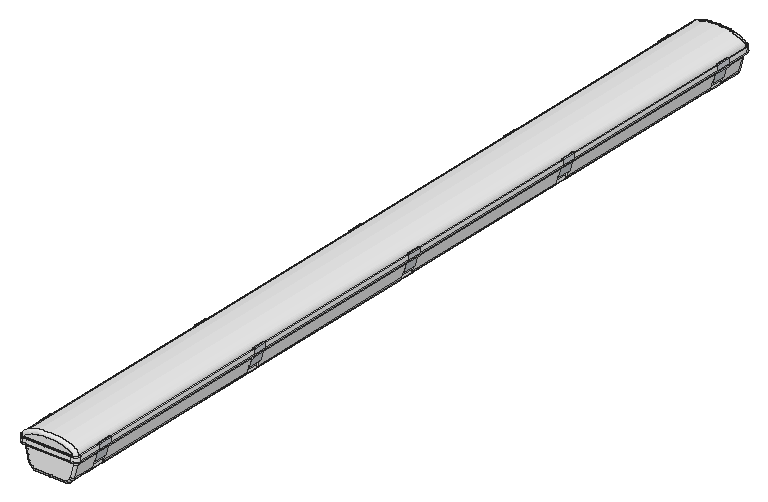
Revit family "0048755 Feilo Sylvania Lighting Fixture SYLPRF SUP LED G3 1500MM T 4K QC D MW", category Lighting Fixtures, host Face, Revit 2016
Family settings
  Host = Face
  Part Type = Normal
  Round Connector Dimension = Use Diameter
  OmniClass Number = 23.80.70.11.14
  OmniClass Title = General Luminaries, Directional
  Cut with Voids When Loaded = No
  Light Source = Yes
  Shared = No
  Room Calculation Point = No
Parameters (values of type "0048755 SYLPRF SUP LED G3 1500MM T 4K QC D MW")
  Width = 110 mm
  Weight = "2.51 kg"
  Wattage Comments = "n/a"
  Wattage = 48 W
  WarrantyStartDate [instance] = "n/a"
  WarrantyGuarantorParts = "n/a"
  WarrantyDurationUnit = "n/a"
  WarrantyDurationParts = "n/a"
  WarrantyDescription = "n/a"
  built-in parameter 1150110 = 1 (stored number, unit not read)
  Voltage = 230 V
  URL = "http://www.sylvania-lighting.com"
  TypeName = "SYLPRF SUP LED G3 1500MM T 4K QC D MW"
  Type Image = <None>
  Type Comments = "n/a"
  built-in parameter 1114217 = 1 (stored number, unit not read)
  Tilt Angle = -90.00°
  built-in parameter 1150109 = 1 (stored number, unit not read)
  built-in parameter 1150134 = 12
  built-in parameter 1150113 = 1 (stored number, unit not read)
  SerialNumber [instance] = "n/a"
  ReflectorMaterial = none
  PowerFactor = 0
  PowerConsumption = "48 W"
  Photometric Web File = "0048755.ies"
  NominalWidth = 0 mm
  NominalLength = 1578 mm
  NominalHeight = 78 mm
  Name = "SYLPRF SUP LED G3 1500MM T 4K QC D MW"
  ModelReference = "SYLPRF SUP LED G3 1500MM T 4K QC D MW"
  ModelNumber = "0048755"
  Model = "SYLPRF SUP LED G3 1500MM T 4K QC D MW"
  Material = "polycarbonate housing, polycarbonate diffuser"
  ManufacturerName = "Feilo Sylvania"
  Manufacturer = "Feilo Sylvania"
  LuminousEfficacy = "140 lm/W"
  built-in parameter 1150105 = 534.76 (stored number, unit not read)
  Lumens = 6720 lm
  LuminaireType = ""
  built-in parameter 1150115 = 1 (stored number, unit not read)
  LightOutputRatio = "n/a"
  built-in parameter 1150137 = (empty or 0)
  built-in parameter 1150139 = (empty or 0)
  Length = 1572 mm
  LampsType = Lamp  # "LED"
  LampNominalLuminous = "6750 lm"
  LampMacAdamStep = "3"
  LampColourTemperature = "4000 K"
  LampColourRenderingIndex = "80"
  built-in parameter 1150112 = 1 (stored number, unit not read)
  built-in parameter 1150114 = 1 (stored number, unit not read)
  Lamp = "LED"
  Keynote = "16500"
  InstallationDate [instance] = "n/a"
  InputVoltage = "220-240V~"
  InputNominalFrequency = "DC/50/60 Hz"
  built-in parameter 1150132 = (empty or 0)
  built-in parameter 1150102 = (empty or 0)
  built-in parameter 1150107 = 4000 (stored number, unit not read)
  built-in parameter 1150138 = (empty or 0)
  IngressProtection = "IP65"
  ImpactProtectionIndex = "IK08"
  built-in parameter 1150106 = 5.3476 (stored number, unit not read)
  IfcExportType = "IfcLightFixtureType"
  IfcExportAs = "IfcLightFixtureType"
  ExpectedLife = 50000
  Emit from Rectangle Width = Width - 20 mm  # 90 mm
  Emit from Rectangle Length = Length - 20 mm  # 1552 mm
  Emit Shape Visible in Rendering = no
  ElectricShockClassification = "Class I"
  built-in parameter 1150104 = 13.006 (stored number, unit not read)
  DurationUnit = "hours"
  DocumentationLiterature = "http://www.sylvania-lighting.com/product/en-int/products/0048755"
  DimmingControlOptions = "Dimmable"
  Dimming Lamp Color Temperature Shift = <None>
  DiffuserMaterial = Diffuser-Sylvania-Transparent
  Description = "Sylproof Superia, integrated LED weatherproof luminaire with quick connector, with UV stabilized flat diffuser and linear prisms designed to achieve uniform lit appearance, optimise light output and to reduce glare, stainless steel diffuser clips and fixing brackets for surface and wall mounting. L 1578 mm x W 110 mm x H 78 mm size, Polycarbonate housing, Polycarbonate diffuser, DALI dimmable, with MW sensor, 4000K, CRI80,  6750 lm, 48 W, 140 lm/W, nominal average life (h):50000, energy class: A++ A+ A Class I,IK08, IP65."
  Default Elevation = 1219.2 mm
  CreatedOn = "3/27/2018"
  CreatedBy = "aron.fodor@feilosylvania.com"
  Cost = 0
  Color Filter = 16777215
  built-in parameter 1114216 [instance] = (empty or 0)
  ClassificationValue = "EF_70_80"
  ClassificationName = "Uniclass2015"
  BodyMaterial = Body-Sylvania-Gray
  BarCode [instance] = "n/a"
  built-in parameter 1114218 = 1 (stored number, unit not read)
  built-in parameter 1150133 = 10 (stored number, unit not read)
  AssetType = "Fixed"
  AssetIdentifier [instance] = "n/a"
  Assembly Code = "D5020200"
  Apparent Load = 48 VA
  AccessoryMaterial = Diffuser-Sylvania-Glow
Reference planes
  plane 1 "Center (Front/Back)": y = 0
  plane 2: z = 0
  plane 3 "Center (Left/Right)": x = 0
  plane 4: z = 54
  plane 5: x = -27.7
  plane 6: x = -34.8
  plane 7: x = -39.6
  plane 8: x = -42.2
  plane 9: z = 3
  plane 10: z = 7.8
  plane 11: z = 12.3
  plane 12: z = 36.6
  plane 13: z = 42.8
  plane 14: x = -51.1
  plane 15: z = 46.2
  plane 16: x = -55
  plane 17: y = 786
  plane 18: y = -786
  plane 19: x = 27.7
  plane 20: x = 34.8
  plane 21: x = 39.6
  plane 22: x = 42.2
  plane 23: x = 51.1
  plane 24: x = 55
  plane 25: y = 778.4
  plane 26: y = -778.4
  plane 27: y = -774.7
  plane 28: y = 774.7
  plane 29: z = 74
  plane 30: x = -51.5
  plane 31: x = 51.5
  plane 32: z = 55.2
  plane 33: y = -782.5
  plane 34: y = 782.5
  plane 35: x = -37.5
  plane 36: x = 37.5
  plane 37: x = -48.7
  plane 38: x = 48.7
  plane 39: x = 18
  plane 40: x = -18
  plane 41: z = 50.2
  plane 42: z = 24.6
  plane 43: y = 720
  plane 44: y = 706
  plane 45: y = 734
  plane 46: y = -720
  plane 47: y = 720
  plane 48: y = 706
  plane 49: y = 734
  plane 50: y = -720
  plane 51: y = -734
  plane 52: y = -706
  plane 53: y = 360
  plane 54: y = 346
  plane 55: y = 374
  plane 56: y = 0
  plane 57: y = -14
  plane 58: y = 14
  plane 59: y = -360
  plane 60: y = -374
  plane 61: y = -346
Forms (mm)
  Sweep 1, solid, material "Body-Sylvania-Gray" <- "BodyMaterial", detail levels medium+fine
    path origin (1223.4, -4572, 54) x (0, -1, 0) y (1, 0, 0)
      loop
        arc (-3796, -1278.4) -> (-3788.929, -1275.471) -> (-3786, -1268.4) r 10
        line (-3786, -1268.4) -> (-3786, -1178.4)
        arc (-3786, -1178.4) -> (-3788.929, -1171.329) -> (-3796, -1168.4) r 10
        line (-3796, -1168.4) -> (-5348, -1168.4)
        arc (-5348, -1168.4) -> (-5355.071, -1171.329) -> (-5358, -1178.4) r 10
        line (-5358, -1178.4) -> (-5358, -1268.4)
        arc (-5358, -1268.4) -> (-5355.071, -1275.471) -> (-5348, -1278.4) r 10
        line (-5348, -1278.4) -> (-3796, -1278.4)
    profile origin (-55, 0, 54) x (-1, 0, 0) y (0, 0, 1)
      loop
        line (0, 0) -> (-1, 0) -> (-1, -7.726)
        arc (-1, -7.726) -> (-1.994, -9.498) -> (-3.9, -10.2) r 2.937
        line (-3.9, -10.2) -> (-8.571, -10.2) -> (-8.571, -11.2) -> (-3.9, -11.2)
        arc (-3.9, -11.2) -> (-1.313, -10.231) -> (0, -7.8) r 3.937
        line (0, -7.8) -> (0, 0)
  Sweep 2, solid, material "Body-Sylvania-Gray" <- "BodyMaterial", detail levels medium+fine
    path origin (0, 0, 0) x (1, 0, 0) y (0, 0, 1)
      loop
        line (48.7, 42.8) -> (48.7, 36.6) -> (42.203, 12.31)
        arc (42.203, 12.31) -> (41.199, 9.884) -> (39.6, 7.8) r 10.052
        line (39.6, 7.8) -> (34.8, 3)
        arc (34.8, 3) -> (31.554, 0.781) -> (27.7, 0) r 9.902
        line (27.7, 0) -> (0, 0) -> (-27.7, 0)
        arc (-27.7, 0) -> (-31.554, 0.781) -> (-34.8, 3) r 9.902
        line (-34.8, 3) -> (-39.6, 7.8)
        arc (-39.6, 7.8) -> (-41.199, 9.884) -> (-42.203, 12.31) r 10.052
        line (-42.203, 12.31) -> (-48.7, 36.6) -> (-48.7, 42.8)
    profile origin (0, 0, 0) x (0, 0, -1) y (0, -1, 0)
      loop
        arc (0, 773.4) -> (-1.464, 776.936) -> (-5, 778.4) r 5
        line (-5, 778.4) -> (-7.8, 778.4) -> (-7.8, -778.4) -> (-5, -778.4)
        arc (-5, -778.4) -> (-1.464, -776.936) -> (0, -773.4) r 5
        line (0, -773.4) -> (0, 773.4)
  Extrusion 3, solid, material "Body-Sylvania-Gray" <- "BodyMaterial", detail levels medium+fine
    sketch origin (1524, 778.4, 1219.2) x (1, 0, 0) y (0, 0, 1)
      loop
        arc (-1558.668, -1204.874) -> (-1558.443, -1205.418) -> (-1558.085, -1205.885) r 2.252
        line (-1558.085, -1205.885) -> (-1553.231, -1210.738)
        arc (-1553.231, -1210.738) -> (-1552.534, -1211.227) -> (-1551.7, -1211.4) r 2.102
        line (-1551.7, -1211.4) -> (-1496.3, -1211.4)
        arc (-1496.3, -1211.4) -> (-1495.466, -1211.227) -> (-1494.769, -1210.738) r 2.102
        line (-1494.769, -1210.738) -> (-1489.915, -1205.885)
        arc (-1489.915, -1205.885) -> (-1489.557, -1205.418) -> (-1489.332, -1204.874) r 2.252
        line (-1489.332, -1204.874) -> (-1483.1, -1181.575) -> (-1483.1, -1176.4) -> (-1564.9, -1176.4) -> (-1564.9, -1181.575) -> (-1558.668, -1204.874)
    from 0 to 1556.8
  Sweep 4, solid, material "Diffuser-Sylvania-Transparent" <- "DiffuserMaterial", detail levels medium+fine
    path origin (0, 0, 0) x (1, 0, 0) y (0, 0, 1)
      loop
        spline (-51.5, 55.2) -> (-49.745, 60.066) -> (-44.6, 64.6) -> (-36.416, 68.494) -> (-25.75, 71.481) -> (-13.329, 73.359) -> (0, 74) -> (13.329, 73.359) -> (25.75, 71.481) -> (36.416, 68.494) -> (44.6, 64.6) -> (49.745, 60.066) -> (51.5, 55.2)
    profile origin (51.5, 0, 55.2) x (0, -1, 0) y (1, 0, 0)
      loop
        arc (782.5, -5.5) -> (780.889, -1.611) -> (777, 0) r 5.5
        line (777, 0) -> (-777, 0)
        arc (-777, 0) -> (-780.889, -1.611) -> (-782.5, -5.5) r 5.5
        line (-782.5, -5.5) -> (-782.5, -6.3) -> (-781.5, -6.3) -> (-781.5, -5.5)
        arc (-781.5, -5.5) -> (-780.182, -2.318) -> (-777, -1) r 4.5
        line (-777, -1) -> (777, -1)
        arc (777, -1) -> (780.182, -2.318) -> (781.5, -5.5) r 4.5
        line (781.5, -5.5) -> (781.5, -6.347) -> (782.5, -6.347) -> (782.5, -5.5)
  Extrusion 5, solid, material "Diffuser-Sylvania-Transparent" <- "DiffuserMaterial", detail levels medium+fine
    sketch origin (1524, -782.5, 1219.2) x (1, 0, 0) y (0, 0, 1)
      loop
        line (-1569.653, -1164) -> (-1478.347, -1164)
        spline (-1478.347, -1164) -> (-1478.969, -1162.594) -> (-1482.527, -1159.545) -> (-1489.588, -1156.201) -> (-1499.458, -1153.445) -> (-1511.242, -1151.663) -> (-1524, -1151.049) -> (-1536.758, -1151.663) -> (-1548.542, -1153.445) -> (-1558.412, -1156.201) -> (-1565.473, -1159.545) -> (-1569.031, -1162.594) -> (-1569.653, -1164)
    from 0 to -1
  Extrusion 6, solid, material "Diffuser-Sylvania-Transparent" <- "DiffuserMaterial", detail levels medium+fine
    sketch origin (1524, 782.5, 1219.2) x (1, 0, 0) y (0, 0, 1)
      loop
        spline (-1478.3, -1164) -> (-1478.931, -1162.565) -> (-1482.502, -1159.505) -> (-1489.572, -1156.155) -> (-1499.446, -1153.394) -> (-1511.236, -1151.614) -> (-1524, -1151.007) -> (-1536.764, -1151.614) -> (-1548.554, -1153.394) -> (-1558.428, -1156.155) -> (-1565.498, -1159.505) -> (-1569.069, -1162.565) -> (-1569.7, -1164)
        line (-1569.7, -1164) -> (-1478.3, -1164)
    from 0 to 1
  Extrusion 7, solid, material "Diffuser-Sylvania-Transparent" <- "DiffuserMaterial", detail levels medium+fine
    sketch origin (1223.4, -4572, 55.2) x (0, -1, 0) y (-1, 0, 0)
      loop
        arc (-5353.5, 1177.4) -> (-5352.182, 1174.218) -> (-5349, 1172.9) r 4.5
        line (-5349, 1172.9) -> (-3795, 1172.9)
        arc (-3795, 1172.9) -> (-3791.818, 1174.218) -> (-3790.5, 1177.4) r 4.5
        line (-3790.5, 1177.4) -> (-3790.5, 1269.4)
        arc (-3790.5, 1269.4) -> (-3791.818, 1272.582) -> (-3795, 1273.9) r 4.5
        line (-3795, 1273.9) -> (-5349, 1273.9)
        arc (-5349, 1273.9) -> (-5352.182, 1272.582) -> (-5353.5, 1269.4) r 4.5
        line (-5353.5, 1269.4) -> (-5353.5, 1177.4)
      loop
        line (-5358, 1268.4) -> (-5358, 1178.4)
        arc (-5358, 1178.4) -> (-5355.071, 1171.329) -> (-5348, 1168.4) r 10
        line (-5348, 1168.4) -> (-3796, 1168.4)
        arc (-3796, 1168.4) -> (-3788.929, 1171.329) -> (-3786, 1178.4) r 10
        line (-3786, 1178.4) -> (-3786, 1268.4)
        arc (-3786, 1268.4) -> (-3788.929, 1275.471) -> (-3796, 1278.4) r 10
        line (-3796, 1278.4) -> (-5348, 1278.4)
        arc (-5348, 1278.4) -> (-5355.071, 1275.471) -> (-5358, 1268.4) r 10
    from 0 to 1.2
  Extrusion 8, solid, material "Diffuser-Sylvania-Glow" <- "AccessoryMaterial", detail levels fine
    sketch origin (0, 0, 0) x (1, 0, 0) y (0, 0, 1)
      loop
        circle (-18, 50.2) r 8
      loop
        circle (18, 50.2) r 8
    from -774.7 to 774.7
  Extrusion 9, void
    sketch origin (0, 720, 2343.807) x (0, 0, -1) y (-1, 0, 0)
      loop
        line (2340.807, -37.5) -> (2331.507, -37.5) -> (2319.207, -42.2) -> (2319.207, -48.7) -> (2340.807, -48.7) -> (2340.807, -37.5)
      loop
        line (2340.807, 37.5) -> (2340.807, 48.7) -> (2319.207, 48.7) -> (2319.207, 42.2) -> (2331.507, 37.5) -> (2340.807, 37.5)
    from -14 to 14
  Extrusion 10, solid, material "Body-Sylvania-Gray" <- "BodyMaterial", detail levels coarse
    sketch origin (0, 0, 0) x (1, 0, 0) y (0, 0, 1)
      loop
        line (55, 42.8) -> (55, 55.2) -> (-55, 55.2) -> (-55, 42.791) -> (-42.2, 0) -> (42.2, 0) -> (55, 42.8)
    from -786 to 786
  Extrusion 11, solid, material "Diffuser-Sylvania-Transparent" <- "DiffuserMaterial", detail levels coarse
    sketch origin (0, 0, 0) x (1, 0, 0) y (0, 0, 1)
      loop
        arc (51.5, 55.2) -> (0, 74) -> (-51.5, 55.2) r 79.939
        line (-51.5, 55.2) -> (51.5, 55.2)
    from 778.4 to -778.4
  Extrusion 12, void, not visible
    sketch origin (0, 720, 2343.807) x (0, 0, -1) y (-1, 0, 0)
      loop
        line (2340.807, -37.5) -> (2331.507, -37.5) -> (2319.207, -42.2) -> (2319.207, -48.7) -> (2340.807, -48.7) -> (2340.807, -37.5)
      loop
        line (2340.807, 37.5) -> (2340.807, 48.7) -> (2319.207, 48.7) -> (2319.207, 42.2) -> (2331.507, 37.5) -> (2340.807, 37.5)
    from -14 to 14
  Extrusion 13, void
    sketch origin (0, -720, 2343.807) x (0, 0, -1) y (-1, 0, 0)
      loop
        line (2340.807, -37.5) -> (2331.507, -37.5) -> (2319.207, -42.2) -> (2319.207, -48.7) -> (2340.807, -48.7) -> (2340.807, -37.5)
      loop
        line (2340.807, 37.5) -> (2340.807, 48.7) -> (2319.207, 48.7) -> (2319.207, 42.2) -> (2331.507, 37.5) -> (2340.807, 37.5)
    from -14 to 14
  Extrusion 14, void
    sketch origin (0, 360, 2343.807) x (0, 0, -1) y (-1, 0, 0)
      loop
        line (2340.807, -37.5) -> (2331.507, -37.5) -> (2319.207, -42.2) -> (2319.207, -48.7) -> (2340.807, -48.7) -> (2340.807, -37.5)
      loop
        line (2340.807, 37.5) -> (2340.807, 48.7) -> (2319.207, 48.7) -> (2319.207, 42.2) -> (2331.507, 37.5) -> (2340.807, 37.5)
    from -14 to 14
  Extrusion 15, void
    sketch origin (0, 0, 2343.807) x (0, 0, -1) y (-1, 0, 0)
      loop
        line (2340.807, -37.5) -> (2331.507, -37.5) -> (2319.207, -42.2) -> (2319.207, -48.7) -> (2340.807, -48.7) -> (2340.807, -37.5)
      loop
        line (2340.807, 37.5) -> (2340.807, 48.7) -> (2319.207, 48.7) -> (2319.207, 42.2) -> (2331.507, 37.5) -> (2340.807, 37.5)
    from -14 to 14
  Extrusion 16, void
    sketch origin (0, -360, 2343.807) x (0, 0, -1) y (-1, 0, 0)
      loop
        line (2340.807, -37.5) -> (2331.507, -37.5) -> (2319.207, -42.2) -> (2319.207, -48.7) -> (2340.807, -48.7) -> (2340.807, -37.5)
      loop
        line (2340.807, 37.5) -> (2340.807, 48.7) -> (2319.207, 48.7) -> (2319.207, 42.2) -> (2331.507, 37.5) -> (2340.807, 37.5)
    from -14 to 14
Cuts and joins
  Extrusion 9, Extrusion 13, Extrusion 14, Extrusion 15, Extrusion 16 cuts Sweep 2
  Extrusion 13, Extrusion 14, Extrusion 15, Extrusion 16 cuts Extrusion 3
  joined: Sweep 2, Extrusion 3
  joined: Sweep 4, Extrusion 5, Extrusion 6
Dimensions and locks
  locked: plane 4 to plane 2 at 54
  plane 5 to plane 6 to plane 7 to plane 8 to plane 14 to plane 16 = 7.1 mm locked, 4.8 mm locked, 2.6 mm locked, 8.9 mm, 3.9 mm
  plane 4 to plane 15 to plane 13 to plane 12 to plane 11 to plane 10 to plane 9 = 7.8 mm locked, 3.4 mm, 6.2 mm locked, 24.3 mm locked, 4.5 mm locked, 4.8 mm locked
  equal spacing: plane 18, plane 1 "Center (Front/Back)", plane 17
  "Length": plane 18 to plane 17
  plane 19 to plane 20 to plane 21 to plane 22 to plane 23 to plane 24 = 7.1 mm locked, 4.8 mm locked, 2.6 mm locked, 8.9 mm, 3.9 mm
  equal spacing: plane 24, plane 3 "Center (Left/Right)", plane 16
  "Width": plane 24 to plane 16
  equal spacing: plane 27, plane 1 "Center (Front/Back)", plane 28
  locked: plane 26 to plane 27 at 3.7
  locked: Sweep 1 sketch curve to profile plane at 1
  locked: Sweep 1 sketch curve to plane 13 at 1
  locked: Sweep 1 sketch curve to plane 13 at 3.937  (x2)
  locked: Sweep 1 sketch curve to profile plane at 3.9  (x2)
  locked: plane 29 to plane 4 at 20
  equal spacing: plane 31, plane 3 "Center (Left/Right)", plane 30
  locked: plane 30 to plane 16 at 3.5
  locked: plane 32 to plane 4 at 1.2
  equal spacing: plane 33, plane 1 "Center (Front/Back)", plane 34
  equal spacing: plane 36, plane 3 "Center (Left/Right)", plane 35
  locked: plane 3 "Center (Left/Right)" to plane 35 at 37.5
  locked: plane 34 to plane 17 at 3.5
  equal spacing: plane 38, plane 3 "Center (Left/Right)", plane 37
  locked: plane 37 to plane 16 at 6.3
  equal spacing: plane 25, plane 1 "Center (Front/Back)", plane 26
  locked: plane 17 to plane 25 at 7.6
  locked: Sweep 2 sketch curve to plane 2 at 5  (x2)
  locked: Sweep 2 sketch curve to plane 26 at 5
  locked: plane 25 to Sweep 2 sketch curve at 5
  locked: Sweep 4 sketch curve to plane 31 at 5.5  (x2)
  locked: Sweep 4 sketch curve to plane 34 at 5.5
  plane 33 to Sweep 4 sketch curve = 5.5 mm
  locked: plane 34 to Sweep 4 sketch curve at 1
  locked: Sweep 4 sketch curve to plane 31 at 1
  locked: Sweep 4 sketch curve to Sweep 4 sketch curve at 1
  locked: Sweep 4 sketch curve to plane 31 at 6.347
  locked: Sweep 4 sketch curve to plane 31 at 6.3
  equal spacing: plane 39, plane 3 "Center (Left/Right)", plane 40
  locked: plane 3 "Center (Left/Right)" to plane 40 at 18
  locked: plane 42 to plane 2 at 24.6
  plane 45 to plane 43 to plane 44 = 14 mm locked, 14 mm locked
  locked: plane 17 to plane 43 at 66
  equal spacing: plane 43, plane 1 "Center (Front/Back)", plane 46
  plane 49 to plane 47 to plane 48 = 14 mm locked, 14 mm locked
  plane 52 to plane 50 to plane 51 = 14 mm locked, 14 mm locked  (x2)
  equal spacing: group 1, group 6, group 7, group 8, group 5  (x2)
  equal spacing: group 5, group 8, group 7, group 6, group 1
  plane 55 to plane 53 to plane 54 = 14 mm locked, 14 mm locked  (x2)
  plane 58 to plane 56 to plane 57 = 14 mm locked, 14 mm locked  (x2)
  plane 61 to plane 59 to plane 60 = 14 mm locked, 14 mm locked  (x2)
  plane 43 to plane 53 to plane 1 "Center (Front/Back)" to plane 59 to plane 50 = 360 mm locked, 360 mm locked, 360 mm locked, 360 mm locked
  aligned and locked: plane 2 to host face
  aligned and locked: level to host face
  aligned and locked: plane 16 to Sweep 1 sketch curve
  aligned and locked: Sweep 1 sketch curve to plane 24
  aligned and locked: plane 18 to Sweep 1 sketch curve
  aligned and locked: Sweep 1 sketch curve to plane 13
  aligned and locked: profile plane to Sweep 1 sketch curve
  aligned and locked: plane 3 "Center (Left/Right)" to Sweep 2 sketch curve
  aligned and locked: plane 9 to Sweep 2 sketch curve
  aligned and locked: plane 10 to Sweep 2 sketch curve
  aligned and locked: plane 37 to Sweep 2 sketch curve
  aligned and locked: plane 12 to Sweep 2 sketch curve
  aligned and locked: Sweep 2 sketch curve to level
  aligned and locked: plane 21 to Sweep 2 sketch curve
  aligned and locked: plane 38 to Sweep 2 sketch curve
  aligned and locked: profile plane to Sweep 2 sketch curve
  aligned and locked: plane 25 to Sweep 2 sketch curve
  aligned and locked: Sweep 2 sketch curve to plane 10
  aligned and locked: Extrusion 3 sketch curve to Sweep 2  (x7)
  aligned and locked: Sweep 2 to Extrusion 3 sketch curve
  aligned and locked: Extrusion 3 to plane 25
  aligned and locked: plane 26 to Extrusion 3
  aligned and locked: plane 32 to Sweep 4 sketch curve
  aligned and locked: plane 33 to Sweep 4 sketch curve
  aligned and locked: Sweep 4 to Extrusion 5
  aligned and locked: plane 33 to Extrusion 5
  aligned and locked: Extrusion 5 sketch curve to Sweep 4
  aligned and locked: cut or joined group of Sweep 4, Extrusion 5, Extrusion 6 to Extrusion 6 sketch curve
  aligned and locked: Extrusion 7 sketch curve to cut or joined group of Sweep 4, Extrusion 5, Extrusion 6  (x2)
  aligned and locked: cut or joined group of Sweep 4, Extrusion 5, Extrusion 6 to Extrusion 7 sketch curve  (x2)
  aligned and locked: plane 41 to Extrusion 8 sketch curve  (x2)
  aligned and locked: plane 39 to Extrusion 8 sketch curve
  aligned and locked: plane 27 to Extrusion 8
  aligned and locked: Extrusion 8 to plane 28
  aligned and locked: Extrusion 9 to plane 42
  aligned and locked: plane 9 to Extrusion 9
  aligned and locked: plane 44 to Extrusion 9
  aligned and locked: Extrusion 9 to plane 45
  aligned and locked: Extrusion 7 sketch curve to Sweep 1  (x4)
  aligned and locked: plane 4 to Extrusion 7
  aligned and locked: Extrusion 7 to plane 32
  aligned and locked: nested 2 to plane 43
  aligned and locked: plane 43 to nested 1
  aligned and locked: Extrusion 10 sketch curve to plane 24
  aligned and locked: Extrusion 10 sketch curve to Extrusion 7
  aligned and locked: plane 8 to Extrusion 10 sketch curve
  aligned and locked: plane 22 to Extrusion 10 sketch curve
  aligned and locked: level to Extrusion 10 sketch curve
  aligned and locked: Extrusion 10 to plane 17
  aligned and locked: plane 18 to Extrusion 10
  aligned and locked: cut or joined group of Sweep 4, Extrusion 5, Extrusion 6 to Extrusion 11 sketch curve
  aligned and locked: Extrusion 11 sketch curve to cut or joined group of Sweep 4, Extrusion 5, Extrusion 6  (x2)
  aligned and locked: plane 31 to Extrusion 11 sketch curve
  aligned and locked: plane 30 to Extrusion 11 sketch curve
  aligned and locked: plane 26 to Extrusion 11
  aligned and locked: Extrusion 11 to plane 25
  aligned and locked: imposter light to plane 29
  aligned and locked: plane 3 "Center (Left/Right)" to imposter light
  aligned and locked: plane 1 "Center (Front/Back)" to imposter light
  aligned and locked: plane 51 to Extrusion 13
  aligned and locked: Extrusion 13 to plane 52
  aligned and locked: plane 54 to Extrusion 14
  aligned and locked: Extrusion 14 to plane 55
  aligned and locked: plane 57 to Extrusion 15
  aligned and locked: Extrusion 15 to plane 58
  aligned and locked: plane 60 to Extrusion 16
  aligned and locked: Extrusion 16 to plane 61
  aligned and locked: nested 3 to plane 53
  aligned and locked: plane 53 to nested 10
  aligned and locked: nested 4 to plane 56
  aligned and locked: plane 56 to nested 9
  aligned and locked: nested 5 to plane 59
  aligned and locked: plane 59 to nested 8
  aligned and locked: nested 6 to plane 50
  aligned and locked: plane 50 to nested 7
Automatic sketch dimensions
  host sketch curve to host sketch curve = 2438.4 mm  (x2)
  plane 17 to Sweep 1 sketch curve = 0 mm
  Sweep 1 sketch curve to plane 28 = 1.3 mm
  Sweep 1 sketch curve to plane 7 = 5.4 mm
  plane 27 to Sweep 1 sketch curve = 1.3 mm  (x2)
  Sweep 1 sketch curve to Sweep 1 sketch curve = 4.671 mm
  Sweep 1 sketch curve to plane 4 = 0 mm
  Sweep 2 sketch curve to plane 7 = 0 mm
  Sweep 2 sketch curve to plane 6 = 0 mm
  Sweep 2 sketch curve to plane 5 = 0 mm
  plane 19 to Sweep 2 sketch curve = 0 mm
  Sweep 2 sketch curve to plane 9 = 0 mm
  plane 20 to Sweep 2 sketch curve = 0 mm
  Sweep 2 sketch curve to plane 12 = 0 mm
  Sweep 2 sketch curve to plane 10 = 0 mm
  Sweep 2 sketch curve to plane 13 = 0 mm  (x2)
  Sweep 2 sketch curve to plane 8 = 0.003 mm
  plane 6 to Sweep 2 sketch curve = 2.308 mm
  plane 20 to Sweep 2 sketch curve = 2.308 mm
  Sweep 2 sketch curve to plane 22 = 0.003 mm
  Sweep 2 sketch curve to plane 11 = 0.01 mm  (x2)
  Extrusion 3 sketch curve to plane 5 = 0 mm
  plane 19 to Extrusion 3 sketch curve = 0 mm
  plane 6 to Extrusion 3 sketch curve = 0.132 mm
  plane 6 to Extrusion 3 sketch curve = 0.715 mm
  Extrusion 3 sketch curve to Extrusion 3 sketch curve = 1.592 mm
  Extrusion 3 sketch curve to plane 10 = 0.662 mm  (x2)
  plane 20 to Extrusion 3 sketch curve = 2.308 mm
  plane 20 to Extrusion 3 sketch curve = 0.715 mm
  plane 20 to Extrusion 3 sketch curve = 0.132 mm
  Sweep 4 sketch curve to plane 30 = 0 mm
  Sweep 4 sketch curve to plane 3 "Center (Left/Right)" = 0 mm
  Sweep 4 sketch curve to Sweep 4 sketch curve = 0 mm  (x2)
  plane 37 to Extrusion 5 sketch curve = 3.047 mm
  Extrusion 5 sketch curve to plane 38 = 3.047 mm
  plane 37 to Extrusion 6 sketch curve = 3 mm
  Extrusion 6 sketch curve to plane 38 = 3 mm
  plane 25 to Extrusion 7 sketch curve = 1.4 mm  (x2)
  Extrusion 7 sketch curve to plane 26 = 1.4 mm  (x2)
  Extrusion 8 sketch curve to plane 40 = 0 mm
  Extrusion 9 sketch curve to Extrusion 9 sketch curve = 0 mm
  Extrusion 9 sketch curve to Extrusion 9 sketch curve = 12.3 mm  (x2)
  Extrusion 9 sketch curve to Extrusion 9 sketch curve = 9.3 mm  (x2)
  Extrusion 9 sketch curve to Extrusion 9 sketch curve = 6.5 mm
  Extrusion 9 sketch curve to Extrusion 9 sketch curve = 4.7 mm  (x2)
  Extrusion 9 sketch curve to Extrusion 9 sketch curve = 75 mm
  Extrusion 9 sketch curve to Extrusion 9 sketch curve = 11.2 mm
  Extrusion 10 sketch curve to plane 13 = 0 mm
  plane 13 to Extrusion 10 sketch curve = 0.009 mm
  Extrusion 11 sketch curve to level = 5.939 mm
  Extrusion 10 sketch curve to plane 16 = 0 mm
  Extrusion 12 sketch curve to Extrusion 12 sketch curve = 0 mm
  Extrusion 12 sketch curve to Extrusion 12 sketch curve = 12.3 mm  (x2)
  Extrusion 12 sketch curve to Extrusion 12 sketch curve = 9.3 mm  (x2)
  Extrusion 12 sketch curve to Extrusion 12 sketch curve = 6.5 mm
  Extrusion 12 sketch curve to Extrusion 12 sketch curve = 4.7 mm  (x2)
  Extrusion 12 sketch curve to Extrusion 12 sketch curve = 75 mm
  Extrusion 12 sketch curve to Extrusion 12 sketch curve = 11.2 mm
  Extrusion 13 sketch curve to Extrusion 13 sketch curve = 0 mm
  Extrusion 13 sketch curve to Extrusion 13 sketch curve = 12.3 mm  (x2)
  Extrusion 13 sketch curve to Extrusion 13 sketch curve = 9.3 mm  (x2)
  Extrusion 13 sketch curve to Extrusion 13 sketch curve = 6.5 mm
  Extrusion 13 sketch curve to Extrusion 13 sketch curve = 4.7 mm  (x2)
  Extrusion 13 sketch curve to Extrusion 13 sketch curve = 75 mm
  Extrusion 13 sketch curve to Extrusion 13 sketch curve = 11.2 mm
  Extrusion 14 sketch curve to Extrusion 14 sketch curve = 0 mm
  Extrusion 14 sketch curve to Extrusion 14 sketch curve = 12.3 mm  (x2)
  Extrusion 14 sketch curve to Extrusion 14 sketch curve = 9.3 mm  (x2)
  Extrusion 14 sketch curve to Extrusion 14 sketch curve = 6.5 mm
  Extrusion 14 sketch curve to Extrusion 14 sketch curve = 4.7 mm  (x2)
  Extrusion 14 sketch curve to Extrusion 14 sketch curve = 75 mm
  Extrusion 14 sketch curve to Extrusion 14 sketch curve = 11.2 mm
  Extrusion 15 sketch curve to Extrusion 15 sketch curve = 0 mm
  Extrusion 15 sketch curve to Extrusion 15 sketch curve = 12.3 mm  (x2)
  Extrusion 15 sketch curve to Extrusion 15 sketch curve = 9.3 mm  (x2)
  Extrusion 15 sketch curve to Extrusion 15 sketch curve = 6.5 mm
  Extrusion 15 sketch curve to Extrusion 15 sketch curve = 4.7 mm  (x2)
  Extrusion 15 sketch curve to Extrusion 15 sketch curve = 75 mm
  Extrusion 15 sketch curve to Extrusion 15 sketch curve = 11.2 mm
  Extrusion 16 sketch curve to Extrusion 16 sketch curve = 0 mm
  Extrusion 16 sketch curve to Extrusion 16 sketch curve = 12.3 mm  (x2)
  Extrusion 16 sketch curve to Extrusion 16 sketch curve = 9.3 mm  (x2)
  Extrusion 16 sketch curve to Extrusion 16 sketch curve = 6.5 mm
  Extrusion 16 sketch curve to Extrusion 16 sketch curve = 4.7 mm  (x2)
  Extrusion 16 sketch curve to Extrusion 16 sketch curve = 75 mm
  Extrusion 16 sketch curve to Extrusion 16 sketch curve = 11.2 mm
  radius of Extrusion 8 sketch curve = 8 mm  (x2)
Nested families
  nested 1: "Clip" at (42.2, 720, 24.6), type "Clip", detail levels fine
  nested 2: "Clip" at (-42.2, 720, 24.6) x (-1, 0, 0) z (0, 0, 1), type "Clip", detail levels fine
  nested 3: "Clip" at (-42.2, 360, 24.6) x (-1, 0, 0) z (0, 0, 1), type "Clip", detail levels fine
  nested 4: "Clip" at (-42.2, 0, 24.6) x (-1, 0, 0) z (0, 0, 1), type "Clip", detail levels fine
  nested 5: "Clip" at (-42.2, -360, 24.6) x (-1, 0, 0) z (0, 0, 1), type "Clip", detail levels fine
  nested 6: "Clip" at (-42.2, -720, 24.6) x (-1, 0, 0) z (0, 0, 1), type "Clip", detail levels fine
  nested 7: "Clip" at (42.2, -720, 24.6), type "Clip", detail levels fine
  nested 8: "Clip" at (42.2, -360, 24.6), type "Clip", detail levels fine
  nested 9: "Clip" at (42.2, 0, 24.6), type "Clip", detail levels fine
  nested 10: "Clip" at (42.2, 360, 24.6), type "Clip", detail levels fine
Connectors
  electrical at (0, 0, 0), driven by "Apparent Load"
    settings: index 1, voltage 230 V, apparent load 48 VA, apparent load phase1 0 VA, apparent load phase2 0 VA, apparent load phase3 0 VA, power factor 0, load classification "Lighting", number of poles 1, system type 30, power factor state 1, is connector primary yes, connector utility no, sub classification motor no, connector description ""
Definition of nested family "Clip"
  Parameters (values of type "Clip")
    URL = "http://www.feilosylvania.com"
    Type Comments = "n/a"
    Model = "n/a"
    Manufacturer = "Feilo Sylvania"
    Keynote = "n/a"
    Description = "n/a"
    Default Elevation = 1219.2 mm
    Cost = 0
    BodyMaterial = none
    Assembly Code = "n/a"
  Reference planes
    plane 1 "Center (Front/Back)": y = 0
    plane 2: z = 0
    plane 3 "Center (Left/Right)": x = 0
    plane 4: x = 3.3
    plane 5: x = 6.5
    plane 6: x = 8.9
    plane 7: x = 12.8
    plane 8: z = 12
    plane 9: z = 18.2
    plane 10: z = 21.6
    plane 11: z = 30.6
    plane 12: x = 9.3
    plane 13: z = 19.2
    plane 14: z = 16.2
    plane 15: x = 10.1
    plane 16: y = 12
    plane 17: y = -12
  Forms (mm)
    Extrusion 1, solid
      sketch origin (-0.8, 0, 0) x (1, 0, 0) y (0, 1, 0)
        loop
          line (-1219.2, 1219.2) -> (-1219.2, -1219.2) -> (1219.2, -1219.2) -> (1219.2, 1219.2) -> (-1219.2, 1219.2)
      from 0 to -304.8
    Extrusion 2, solid
      sketch origin (0, 0, 0) x (1, 0, 0) y (0, 0, 1)
        loop
          line (8.9, 16.2) -> (4.58, 0) -> (0, 0) -> (0, -0.8) -> (5.195, -0.8) -> (9.603, 15.731) -> (13.6, 18.806) -> (13.6, 30.6)
          arc (13.6, 30.6) -> (11.45, 32.75) -> (9.3, 30.6) r 2.15
          line (9.3, 30.6) -> (10.1, 30.6)
          arc (10.1, 30.6) -> (11.45, 31.95) -> (12.8, 30.6) r 1.35
          line (12.8, 30.6) -> (12.8, 19.2) -> (8.9, 16.2)
      from -12 to 12
  Lines and regions (mm)
    reference lines
      curve 1: line (3.3, 0, 0) -> (6.5, 0, 12)
      curve 2: arc (8.9, 0, 18.2) -> (11.488, 0, 19.169) -> (12.8, 0, 21.6) r 3.934
  Dimensions and locks
    plane 7 to plane 6 to plane 5 to plane 4 to plane 3 "Center (Left/Right)" = 3.9 mm locked, 2.4 mm locked, 3.2 mm locked, 3.3 mm locked
    plane 11 to plane 10 to plane 9 to plane 8 to plane 2 = 9 mm locked, 3.4 mm locked, 6.2 mm locked, 12 mm locked
    locked: plane 7 to plane 12 at 3.5
    locked: plane 13 to plane 9 at 1
    locked: plane 9 to plane 14 at 2
    locked: plane 15 to plane 12 at 0.8
    locked: plane 2 to Extrusion 2 sketch curve at 0.8
    locked: Extrusion 2 sketch curve to Extrusion 2 sketch curve at 0.8  (x3)
    locked: plane 7 to Extrusion 2 sketch curve at 1.35
    equal spacing: plane 17, plane 1 "Center (Front/Back)", plane 16
    locked: plane 1 "Center (Front/Back)" to plane 16 at 12
    aligned and locked: plane 2 to Extrusion 1
    aligned and locked: level to Extrusion 1
    aligned and locked: plane 4 to curve 1
    aligned and locked: plane 5 to curve 1
    aligned and locked: plane 6 to curve 2
    aligned and locked: plane 10 to curve 2
    aligned and locked: plane 14 to Extrusion 2 sketch curve
    aligned and locked: plane 13 to Extrusion 2 sketch curve
    aligned and locked: plane 7 to Extrusion 2 sketch curve
    aligned and locked: plane 3 "Center (Left/Right)" to Extrusion 2 sketch curve
    aligned and locked: Extrusion 2 sketch curve to level
    aligned and locked: Extrusion 2 sketch curve to plane 11
    aligned and locked: plane 11 to Extrusion 2 sketch curve
    aligned and locked: Extrusion 2 to plane 16
    aligned and locked: plane 17 to Extrusion 2
  Automatic sketch dimensions
    Extrusion 1 sketch curve to Extrusion 1 sketch curve = 2438.4 mm  (x2)
    curve 2 to plane 7 = 0 mm
    curve 1 to level = 0 mm
    curve 1 to plane 8 = 0 mm
    curve 2 to plane 9 = 0 mm
    plane 6 to curve 2 = 0.002 mm
    Extrusion 2 sketch curve to Extrusion 2 sketch curve = 0 mm
    Extrusion 2 sketch curve to plane 6 = 0 mm
    plane 4 to Extrusion 2 sketch curve = 1.28 mm
